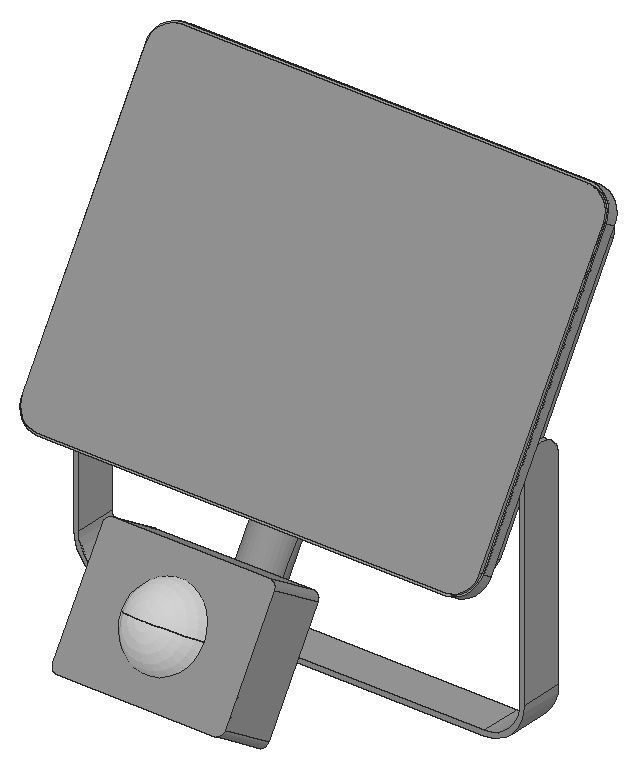
Revit family "0047971 Sylvania Lighting Fixture START eco Flood Flat IP54 PIR 4500lm 840", category Lighting Fixtures, host Face, Revit 2016
Family settings
  Host = Face
  Part Type = Normal
  Round Connector Dimension = Use Diameter
  OmniClass Number = 23.80.70.00
  OmniClass Title = Lighting
  Cut with Voids When Loaded = No
  Light Source = No
  Shared = No
  Room Calculation Point = No
Parameters (values of type "0047971 ST E FLD FLT IP54 PIR 4500LM 840")
  WidthBracketIn_SYL = if([10W_SYL], 102.2 mm, if([30W_SYL], 143.3 mm, if([50W_SYL], 181 mm, 262.8 mm)))  # 181 mm
  Weight = "4.25 kg"
  Wattage Comments = ""
  WarrantyStartDate [instance] = "n/a"
  WarrantyGuarantorParts = "n/a"
  WarrantyDurationUnit = "n/a"
  WarrantyDurationParts = "n/a"
  WarrantyDescription = "n/a"
  Voltage = 0 V
  URL = "http://www.sylvania-lighting.com"
  TypeName = "START eco Flood Flat IP54 PIR 4500lm 840"
  TypeLight_SYL = START eco Flood Flat Lamp : 0047971 ST E FLD FLT IP54 PIR 4500LM 840
  Type Image = <None>
  Type Comments = "n/a"
  ThicknessBracket_SYL = if([10W_SYL], 1.5 mm, 2 mm)  # 2 mm
  SerialNumber [instance] = "n/a"
  RotationAngle_SYL [instance] = 32.00°
  RadiusBracket_SYL = if([10W_SYL], 7.7 mm, if([30W_SYL], 8 mm, if([50W_SYL], 17 mm, 14 mm)))  # 17 mm
  RadiusBracketIn_SYL = RadiusBracket_SYL - ThicknessBracket_SYL  # 15 mm
  OffsetAxis_SYL = DepthBracket_SYL / 2  # 8.5 mm
  PowerFactor = 0.9
  PowerConsumption = "51 W"
  NominalLength = 193 mm
  NominalHeight = 70 mm
  NominalDepth = 216 mm
  Name = "START eco Flood Flat IP54 PIR 4500lm 840"
  ModelReference = Name  # "START eco Flood Flat IP54 PIR 4500lm 840"
  ModelNumber = "0047971"
  Model = Name  # "START eco Flood Flat IP54 PIR 4500lm 840"
  Material = "adc12 housing"
  ManufacturerName = "Feilo Sylvania"
  Manufacturer = "Feilo Sylvania"
  LuminousEfficacy = "93 lm/W"
  LuminaireType = ""
  LightOutputRatio = "n/a"
  LampsType = Lamp  # "LED"
  LampNominalLuminous = "4750 lm"
  LampMacAdamStep = "n/a"
  LampColourTemperature = "4000 K"
  LampColourRenderingIndex = "80"
  Lamp = "LED"
  Keynote = "16500"
  InstallationDate [instance] = "n/a"
  InputVoltage = "n/a"
  InputNominalFrequency = "n/a"
  IngressProtection = "IP54"
  ImpactProtectionIndex = "IK05"
  IfcExportType = "IfcLightFixtureType"
  IfcExportAs = "IfcLightFixtureType"
  HeightBracket_SYL = if([10W_SYL], 55 mm, if([30W_SYL], 70 mm, if([50W_SYL], 110 mm, 141 mm)))  # 110 mm
  ExpectedLife = 30000
  EndAngle_SYL [instance] = RotationAngle_SYL + 180.00°  # 212.00°
  ElectricShockClassification = "Class I"
  DurationUnit = "hours"
  DocumentationLiterature = "http://www.sylvania-lighting.com/product/en-int/products/0047971"
  DimmingControlOptions = "n/a"
  Description = "The new Start eco Flood Flat comes with improved design. The streamlined, durable, lightweight die-cast aluminium body makes it a perfect choice for building facades, car parks, garages and construction areas. The product includes 1 m pre-wired stripped cable and fitting bracket for quick and easy installation and the universal mounting bracket allows wall or surface mounting with the possibility of vertical tilting. Black die-cast aluminum housing, white reflector, 4750 lm, 51 W, 93 lm/W, 4000K, drive current 193 mA, non dimmable, CRI>80, IP54, IK07 - fixture, IK05 - sensor, Class I, lumen maintenance L70:B50: 30000 hrs, 193 x 216 x 70 mm (L x W x H). Weight: 0.85kg.  PIR sensor included. Energy class: A++ A+ A."
  DepthBracket_SYL = if([10W_SYL], 15 mm, if([30W_SYL], 15 mm, if([50W_SYL], 17 mm, 25 mm)))  # 17 mm
  Default Elevation = 1219.2 mm
  CreatedOn = "10/8/2018"
  CreatedBy = "@sylvania-lighting.com"
  Cost = 0
  built-in parameter 1114216 [instance] = (empty or 0)
  ClassificationValue = "EF_70_80"
  ClassificationName = "Uniclass2015"
  Material_1_SYL = Body-Sylvania-FloodFlat-Black
  BarCode [instance] = "n/a"
  AssetType = "Fixed"
  AssetIdentifier [instance] = "n/a"
  Assembly Code = "D5020200"
  Apparent Load = 51 VA
  50W_SYL = yes
  30W_SYL = no
  10W_SYL = no
Reference planes
  plane 1 "Center (Front/Back)": y = 0
  plane 2: z = 0
  plane 3 "Center (Left/Right)": x = 0
  plane 4: x = -92.5
  plane 5: x = 92.5
  plane 6: z = 110
  plane 7: z = 101.5
  plane 8: x = -90.5
  plane 9: x = 90.5
  plane 10: z = 2
  plane 11: y = 8.5
  plane 12: y = -8.5
  plane 13: x = -75.5
  plane 14: z = 17
  plane 15: x = 75.5
  plane 16: y = -10.5
  plane 17: z = 112
  plane 18: y = 10.5
Forms (mm)
  Extrusion 1, solid, material "Body-Sylvania-FloodFlat-Black" <- "Material_1_SYL"
    sketch origin (0, 0, 0) x (1, 0, 0) y (0, 0, 1)
      loop
        line (-90.5, 110) -> (-92.5, 110) -> (-92.5, 17)
        arc (-92.5, 17) -> (-87.521, 4.979) -> (-75.5, 0) r 17
        line (-75.5, 0) -> (75.5, 0)
        arc (75.5, 0) -> (87.521, 4.979) -> (92.5, 17) r 17
        line (92.5, 17) -> (92.5, 110) -> (90.5, 110) -> (90.5, 17)
        arc (90.5, 17) -> (86.107, 6.393) -> (75.5, 2) r 15
        line (75.5, 2) -> (-75.5, 2)
        arc (-75.5, 2) -> (-86.107, 6.393) -> (-90.5, 17) r 15
        line (-90.5, 17) -> (-90.5, 110)
    from -8.5 to 8.5
  Extrusion 2, void
    sketch origin (0, 0, 0) x (0, 1, 0) y (0, 0, 1)
      loop
        line (8.5, 101.5) -> (10.5, 101.5) -> (10.5, 112) -> (-10.5, 112) -> (-10.5, 101.5) -> (-8.5, 101.5)
        arc (-8.5, 101.5) -> (0, 110) -> (8.5, 101.5) r 8.5
    from -92.5 to 92.5
  Revolve 3, solid, not visible
    sketch origin (0, 0, 0) x (1, 0, 0) y (0, 0, 1)
      loop
        line (0, 101.5) -> (0, 110) -> (-12.336, 110) -> (-12.336, 101.5) -> (0, 101.5)
      axis (0, 101.5) -> (-12.336, 101.5)
    angle from 32 <- "RotationAngle_SYL" to 212 <- "EndAngle_SYL"
Cuts and joins
  Extrusion 2 cuts Extrusion 1
Dimensions and locks
  equal spacing: plane 9, plane 3 "Center (Left/Right)", plane 8
  "WidthBracketIn_SYL": plane 9 to plane 8
  "ThicknessBracket_SYL": plane 8 to plane 4
  "ThicknessBracket_SYL": plane 5 to plane 9
  "ThicknessBracket_SYL": plane 10 to plane 2
  equal spacing: plane 12, plane 1 "Center (Front/Back)", plane 11
  "DepthBracket_SYL": plane 12 to plane 11
  "OffsetAxis_SYL": plane 7 to plane 6
  "HeightBracket_SYL": plane 6 to plane 2
  "RadiusBracket_SYL": plane 14 to plane 2
  equal spacing: plane 15, plane 3 "Center (Left/Right)", plane 13
  "RadiusBracket_SYL": plane 13 to plane 4
  equal spacing: plane 16, plane 1 "Center (Front/Back)", plane 18
  locked: plane 16 to plane 12 at 2
  locked: plane 6 to plane 17 at 2
  "RadiusBracket_SYL": radius of Extrusion 1 sketch curve  (x2)
  "RadiusBracketIn_SYL": radius of Extrusion 1 sketch curve  (x2)
  aligned and locked: plane 2 to host face
  aligned and locked: level to host face
  aligned and locked: Extrusion 1 sketch curve to plane 6  (x2)
  aligned and locked: Extrusion 1 sketch curve to plane 4
  aligned and locked: plane 5 to Extrusion 1 sketch curve
  aligned and locked: Extrusion 1 sketch curve to plane 9
  aligned and locked: Extrusion 1 sketch curve to plane 2
  aligned and locked: plane 13 to Extrusion 1 sketch curve
  aligned and locked: plane 14 to Extrusion 1 sketch curve  (x2)
  aligned and locked: plane 15 to Extrusion 1 sketch curve
  aligned and locked: Extrusion 1 to plane 11
  aligned and locked: plane 12 to Extrusion 1
  aligned and locked: plane 11 to Extrusion 2 sketch curve
  aligned and locked: plane 1 "Center (Front/Back)" to Extrusion 2 sketch curve
  aligned and locked: plane 7 to Extrusion 2 sketch curve
  aligned and locked: plane 17 to Extrusion 2 sketch curve
  aligned and locked: plane 18 to Extrusion 2 sketch curve
  aligned and locked: Extrusion 2 sketch curve to plane 16
  aligned and locked: Extrusion 2 sketch curve to plane 7  (x2)
  aligned and locked: plane 5 to Extrusion 2
  aligned and locked: Extrusion 2 to plane 4
  aligned and locked: Revolve 3 sketch curve to plane 7  (x2)
  aligned and locked: Revolve 3 sketch curve to plane 3 "Center (Left/Right)"
  aligned and locked: plane 6 to Revolve 3 sketch curve
  aligned and locked: plane 3 "Center (Left/Right)" to nested 1
Automatic sketch dimensions
  host sketch curve to host sketch curve = 2438.4 mm  (x2)
  Revolve 3 sketch curve to plane 3 "Center (Left/Right)" = 12.336 mm
  Revolve 3 sketch curve to plane 4 = 1122.5 mm
  plane 5 to Revolve 3 sketch curve = 1130.9 mm
Nested families
  nested 1: "START eco Flood Flat Lamp" at (0, 11.155, 119.351) x (1, 0, 0) z (0, -0.848, 0.5299), type <- "TypeLight_SYL", type "0047971 ST E FLD FLT IP54 PIR 4500LM 840"
    with built-in parameter 1114216 (empty or 0)
Connectors
  electrical at (0, 0, 0), driven by "Apparent Load", driven by "PowerFactor", driven by "Voltage"
    settings: index 1, voltage 0 V, apparent load 51 VA, apparent load phase1 0 VA, apparent load phase2 0 VA, apparent load phase3 0 VA, power factor 0.9, load classification "Lighting", number of poles 1, system type 30, power factor state 1, is connector primary yes, connector utility no, sub classification motor no, connector description ""
Definition of nested family "START eco Flood Flat Lamp"
  Parameters (values of type "0047977 ST E FLD FLT IP65 9000LM 840")
    Width_SYL = if([10W_SYL], 110 mm, if([30W_SYL], 151 mm, if([50W_SYL], 189 mm, 275 mm)))  # 275 mm
    WidthLEDBoard_SYL = if([10W_SYL], 40 mm, if([30W_SYL], 83 mm, if([50W_SYL], 80 mm, 180 mm)))  # 180 mm
    WidthVignette_SYL = if([10W_SYL], 78.6 mm, if([30W_SYL], 120 mm, if([50W_SYL], 157 mm, 226 mm)))  # 226 mm
    WidthBoltHousing_SYL = 4 * OffsetBoltHousing_SYL  # 24.5 mm
    Wattage Comments = "n/a"
    Wattage = 100 W
    built-in parameter 1150110 = 1 (stored number, unit not read)
    URL = "http://www.sylvania-lighting.com"
    Type Image = (empty or 0)
    Type Comments = "n/a"
    built-in parameter 1114217 = 1 (stored number, unit not read)
    Tilt Angle = -90.00°
    ThicknessScreen_SYL = if([10W_SYL], 5 mm, if([30W_SYL], 5.2 mm, if([50W_SYL], 5.4 mm, 6.1 mm)))  # 6.1 mm
    ThicknessDiffuser_SYL = 0.8 mm  # constant formula
    built-in parameter 1150109 = 1 (stored number, unit not read)
    built-in parameter 1150134 = 12
    built-in parameter 1150113 = 1 (stored number, unit not read)
    RotationAxisFromTop_SYL = if([10W_SYL], 48.8 mm, if([30W_SYL], 61.7 mm, if([50W_SYL], 91.3 mm, 133.4 mm)))  # 133.4 mm
    RadiusLEDBoard_SYL = if([10W_SYL], 1.5 mm, if([30W_SYL], 2 mm, if([50W_SYL], 1.9 mm, 3.7 mm)))  # 3.7 mm
    RadiusDiffuser_SYL = RadiusCorners_SYL - ThicknessDiffuser_SYL  # 13.4 mm
    RadiusCorners_SYL = if([10W_SYL], 10.5 mm, if([30W_SYL], 10.7 mm, if([50W_SYL], 10.7 mm, 14.2 mm)))  # 14.2 mm
    RadiusBoltHousing_SYL = if([10W_SYL], 4.1 mm, if([30W_SYL], 4.9 mm, if([50W_SYL], 5 mm, 8.1 mm)))  # 8.1 mm
    RadiusBack_SYL = RadiusCorners_SYL - OffsetXBack_SYL / 3  # 10.117 mm
    RadiusBackB_SYL = RadiusBack_SYL - OffsetXBackB_SYL  # 7.054 mm
    Photometric Web File = "0047977.ies"
    PIR_SYL = no
    PIRHolderRadius_SYL = PIRBaseFillet_SYL + 2 mm  # 11 mm
    PIRFillet_SYL = 3 mm  # constant formula
    PIRBaseWidth_SYL = 38 mm
    PIRBaseFillet_SYL = PIRBaseDepth_SYL / 2  # 9 mm
    PIRBaseDepth_SYL = 18 mm
    OffsetYBack_SYL = (Height_SYL - HeightVignette_SYL) / 4  # 11 mm
    OffsetYBackB_SYL = OffsetYBack_SYL / 4  # 2.75 mm
    OffsetXBack_SYL = (Width_SYL - WidthVignette_SYL) / 4  # 12.25 mm
    OffsetXBackB_SYL = OffsetXBack_SYL / 4  # 3.063 mm
    OffsetBoltHousing_SYL = OffsetXBack_SYL / 2  # 6.125 mm
    Material_7_SYL = none
    Material_6_SYL = none
    Material_5_SYL = none
    Material_3_SYL = none
    Model = "START eco Flood Flat IP65 9000lm 840"
    Manufacturer = "Feilo Sylvania"
    built-in parameter 1150105 = 3437 (stored number, unit not read)
    Lumens = 9500 lm
    built-in parameter 1150115 = 1 (stored number, unit not read)
    built-in parameter 1150137 = (empty or 0)
    built-in parameter 1150139 = (empty or 0)
    built-in parameter 1150112 = 1 (stored number, unit not read)
    built-in parameter 1150114 = 1 (stored number, unit not read)
    Lamp = "LED"
    Keynote = "16500"
    Material_2_SYL = none
    InsertionPlaneFromTop_SYL = if([10W_SYL], 15.1 mm, if([30W_SYL], 14.5 mm, if([50W_SYL], 14.8 mm, 19.3 mm)))  # 19.3 mm
    built-in parameter 1150132 = (empty or 0)
    built-in parameter 1150102 = (empty or 0)
    built-in parameter 1150107 = 4000 (stored number, unit not read)
    built-in parameter 1150138 = (empty or 0)
    built-in parameter 1150106 = 34.37 (stored number, unit not read)
    Height_SYL = if([10W_SYL], 81.6 mm, if([30W_SYL], 112 mm, if([50W_SYL], 140.5 mm, 211 mm)))  # 211 mm
    HeightVignette_SYL = if([10W_SYL], 50 mm, if([30W_SYL], 81 mm, if([50W_SYL], 110 mm, 167 mm)))  # 167 mm
    HeightLEDBoard_SYL = if([10W_SYL], 25 mm, if([30W_SYL], 39 mm, if([50W_SYL], 56 mm, 132 mm)))  # 132 mm
    Emit from Rectangle Width = HeightVignette_SYL - 2 * RadiusVignette_SYL  # 146.2 mm
    Emit from Rectangle Length = WidthVignette_SYL - 2 * RadiusVignette_SYL  # 205.2 mm
    Emit Shape Visible in Rendering = no
    built-in parameter 1150104 = 8.8258 (stored number, unit not read)
    Dimming Lamp Color Temperature Shift = (empty or 0)
    DepthLEDBoard_SYL = (ThicknessScreen_SYL + DepthBack_SYL) / 9  # 2.289 mm
    DepthBack_SYL = if([10W_SYL], 10.2 mm, if([30W_SYL], 14.7 mm, if([50W_SYL], 16.9 mm, 14.5 mm)))  # 14.5 mm
    RadiusVignette_SYL = if([10W_SYL], 4.1 mm, if([30W_SYL], 4.1 mm, if([50W_SYL], 4.1 mm, 10.4 mm)))  # 10.4 mm
    Description = "The new Start eco Flood Flat comes with improved design. The streamlined, durable, lightweight die-cast aluminium body makes it a perfect choice for building facades, car parks, garages and construction areas. The product includes 1 m pre-wired stripped cable and fitting bracket for quick and easy installation and the universal mounting bracket allows wall or surface mounting with the possibility of vertical tilting. Black die-cast aluminum housing, white reflector, 9500 lm, 100 W, 95 lm/W, 4000K, drive current 386 mA, non dimmable, CRI>80, IP65, IK07, Class I, lumen maintenance L70:B50: 30000 hrs, 283 x 263 x 44 mm (L x W x H). Weight: 1.775kg. Energy class: A++ A+ A."
    DepthReflector_SYL = (ThicknessScreen_SYL + DepthBack_SYL) / 2  # 10.3 mm
    Default Elevation = 1219.2 mm
    Cost = 0
    Color Filter = 16777215
    built-in parameter 1114216 [instance] = (empty or 0)
    Material_1_SYL = none
    built-in parameter 1114218 = 1 (stored number, unit not read)
    built-in parameter 1150133 = 10 (stored number, unit not read)
    Assembly Code = "D5020200"
    Apparent Load = 100 VA
    Material_4_SYL = none
    50W_SYL = no
    30W_SYL = no
    10W_SYL = no
  Types (16, lengths in mm): name | Width_SYL | WidthLEDBoard_SYL | WidthVignette_SYL | WidthBoltHousing_SYL | Wattage | ThicknessScreen_SYL | built-in parameter 1150134 | RotationAxisFromTop_SYL | RadiusLEDBoard_SYL | RadiusDiffuser_SYL | RadiusCorners_SYL | RadiusBoltHousing_SYL | RadiusBack_SYL | RadiusBackB_SYL | Photometric Web File | PIR_SYL | OffsetYBack_SYL | OffsetYBackB_SYL | OffsetXBack_SYL | OffsetXBackB_SYL | OffsetBoltHousing_SYL | Model | built-in parameter 1150105 | Lumens | InsertionPlaneFromTop_SYL | built-in parameter 1150107 | built-in parameter 1150106 | Height_SYL | HeightVignette_SYL | HeightLEDBoard_SYL | Emit from Rectangle Width | Emit from Rectangle Length | built-in parameter 1150104 | DepthLEDBoard_SYL | DepthBack_SYL | RadiusVignette_SYL | Description | DepthReflector_SYL | Apparent Load | 50W_SYL | 30W_SYL | 10W_SYL
    0047977 ST E FLD FLT IP65 9000LM 840 | 275 | 180 | 226 | 24.5 | 100 W | 6.1 | 12 | 133.4 | 3.7 | 13.4 | 14.2 | 8.1 | 10.117 | 7.054 | "0047977.ies" | no | 11 | 2.75 | 12.25 | 3.063 | 6.125 | "START eco Flood Flat IP65 9000lm 840" | 3437 (stored number, unit not read) | 9500 lm | 19.3 | 4000 (stored number, unit not read) | 34.37 (stored number, unit not read) | 211 | 167 | 132 | 146.2 | 205.2 | 8.8258 (stored number, unit not read) | 2.289 | 14.5 | 10.4 | "The new Start eco Flood Flat comes with improved design. The streamlined, durable, lightweight die-cast aluminium body makes it a perfect choice for building facades, car parks, garages and construction areas. The product includes 1 m pre-wired stripped cable and fitting bracket for quick and easy installation and the universal mounting bracket allows wall or surface mounting with the possibility of vertical tilting. Black die-cast aluminum housing, white reflector, 9500 lm, 100 W, 95 lm/W, 4000K, drive current 386 mA, non dimmable, CRI>80, IP65, IK07, Class I, lumen maintenance L70:B50: 30000 hrs, 283 x 263 x 44 mm (L x W x H). Weight: 1.775kg. Energy class: A++ A+ A." | 10.3 | 100 VA | no | no | no
    0047976 ST E FLD FLT IP65 9000LM 830 | 275 | 180 | 226 | 24.5 | 100 W | 6.1 | (empty or 0) | 133.4 | 3.7 | 13.4 | 14.2 | 8.1 | 10.117 | 7.054 | "0047976.ies" | no | 11 | 2.75 | 12.25 | 3.063 | 6.125 | "START eco Flood Flat IP65 9000lm 830" | 3256.1 (stored number, unit not read) | 9000 lm | 19.3 | 3000 (stored number, unit not read) | 32.561 (stored number, unit not read) | 211 | 167 | 132 | 146.2 | 205.2 | 8.3613 (stored number, unit not read) | 2.289 | 14.5 | 10.4 | "The new Start eco Flood Flat comes with improved design. The streamlined, durable, lightweight die-cast aluminium body makes it a perfect choice for building facades, car parks, garages and construction areas. The product includes 1 m pre-wired stripped cable and fitting bracket for quick and easy installation and the universal mounting bracket allows wall or surface mounting with the possibility of vertical tilting. Black die-cast aluminum housing, white reflector, 9000 lm, 100 W, 90 lm/W, 3000K, drive current 386 mA, non dimmable, CRI>80, IP65, IK07, Class I, lumen maintenance L70:B50: 30000 hrs, 283 x 263 x 44 mm (L x W x H). Weight: 1.775kg. Energy class: A++ A+ A." | 10.3 | 100 VA | no | no | no
    0047973 ST E FLD FLT IP65 6500LM 840 | 275 | 180 | 226 | 24.5 | 70 W | 6.1 | 12 | 133.4 | 3.7 | 13.4 | 14.2 | 8.1 | 10.117 | 7.054 | "0047973.ies" | no | 11 | 2.75 | 12.25 | 3.063 | 6.125 | "START eco Flood Flat IP65 6500lm 840" | 2460.1 (stored number, unit not read) | 6650 lm | 19.3 | 4000 (stored number, unit not read) | 24.601 (stored number, unit not read) | 211 | 167 | 132 | 146.2 | 205.2 | 8.8258 (stored number, unit not read) | 2.289 | 14.5 | 10.4 | "The new Start eco Flood Flat comes with improved design. The streamlined, durable, lightweight die-cast aluminium body makes it a perfect choice for building facades, car parks, garages and construction areas. The product includes 1 m pre-wired stripped cable and fitting bracket for quick and easy installation and the universal mounting bracket allows wall or surface mounting with the possibility of vertical tilting. Black die-cast aluminum housing, white reflector, 6650 lm, 70 W, 95 lm/W, 4000K, drive current 270 mA, non dimmable, CRI>80, IP65, IK07, Class I, lumen maintenance L70:B50: 30000 hrs, 283 x 263 x 44 mm (L x W x H). Weight: 1.775kg. Energy class: A++ A+ A." | 10.3 | 70 VA | no | no | no
    0047972 ST E FLD FLT IP65 6500LM 830 | 275 | 180 | 226 | 24.5 | 70 W | 6.1 | (empty or 0) | 133.4 | 3.7 | 13.4 | 14.2 | 8.1 | 10.117 | 7.054 | "0047972.ies" | no | 11 | 2.75 | 12.25 | 3.063 | 6.125 | "START eco Flood Flat IP65 6500lm 830" | 2330.6 (stored number, unit not read) | 6300 lm | 19.3 | 3000 (stored number, unit not read) | 23.306 (stored number, unit not read) | 211 | 167 | 132 | 146.2 | 205.2 | 8.3613 (stored number, unit not read) | 2.289 | 14.5 | 10.4 | "The new Start eco Flood Flat comes with improved design. The streamlined, durable, lightweight die-cast aluminium body makes it a perfect choice for building facades, car parks, garages and construction areas. The product includes 1 m pre-wired stripped cable and fitting bracket for quick and easy installation and the universal mounting bracket allows wall or surface mounting with the possibility of vertical tilting. Black die-cast aluminum housing, white reflector, 6300 lm, 70 W, 90 lm/W, 3000K, drive current 270 mA, non dimmable, CRI>80, IP65, IK07, Class I, lumen maintenance L70:B50: 30000 hrs, 283 x 263 x 44 mm (L x W x H). Weight: 1.775kg. Energy class: A++ A+ A." | 10.3 | 70 VA | no | no | no
    0047971 ST E FLD FLT IP54 PIR 4500LM 840 | 189 | 80 | 157 | 16 | 51 W | 5.4 | 12 | 91.3 | 1.9 | 9.9 | 10.7 | 5 | 8.033 | 6.033 | "0047971.ies" | yes | 7.625 | 1.906 | 8 | 2 | 4 | "START eco Flood Flat IP54 PIR 4500lm 840" | 1695.8 (stored number, unit not read) | 4743 lm | 14.8 | 4000 (stored number, unit not read) | 16.958 (stored number, unit not read) | 140.5 | 110 | 56 | 101.8 | 148.8 | 8.64 (stored number, unit not read) | 2.478 | 16.9 | 4.1 | "The new Start eco Flood Flat comes with improved design. The streamlined, durable, lightweight die-cast aluminium body makes it a perfect choice for building facades, car parks, garages and construction areas. The product includes 1 m pre-wired stripped cable and fitting bracket for quick and easy installation and the universal mounting bracket allows wall or surface mounting with the possibility of vertical tilting. Black die-cast aluminum housing, white reflector, 4750 lm, 51 W, 93 lm/W, 4000K, drive current 193 mA, non dimmable, CRI>80, IP54, IK07 - fixture, IK05 - sensor, Class I, lumen maintenance L70:B50: 30000 hrs, 193 x 216 x 70 mm (L x W x H). Weight: 0.85kg.  PIR sensor included. Energy class: A++ A+ A." | 11.15 | 51 VA | yes | no | no
    0047970 ST E FLD FLT IP54 PIR 4500LM 830 | 189 | 80 | 157 | 16 | 51 W | 5.4 | (empty or 0) | 91.3 | 1.9 | 9.9 | 10.7 | 5 | 8.033 | 6.033 | "0047970.ies" | yes | 7.625 | 1.906 | 8 | 2 | 4 | "START eco Flood Flat IP54 PIR 4500lm 830" | 1604.6 (stored number, unit not read) | 4488 lm | 14.8 | 3000 (stored number, unit not read) | 16.046 (stored number, unit not read) | 140.5 | 110 | 56 | 101.8 | 148.8 | 8.1755 (stored number, unit not read) | 2.478 | 16.9 | 4.1 | "The new Start eco Flood Flat comes with improved design. The streamlined, durable, lightweight die-cast aluminium body makes it a perfect choice for building facades, car parks, garages and construction areas. The product includes 1 m pre-wired stripped cable and fitting bracket for quick and easy installation and the universal mounting bracket allows wall or surface mounting with the possibility of vertical tilting. Black die-cast aluminum housing, white reflector, 4500 lm, 51 W, 88 lm/W, 3000K, drive current 193 mA, non dimmable, CRI>80, IP54, IK07 - fixture, IK05 - sensor, Class I, lumen maintenance L70:B50: 30000 hrs, 193 x 216 x 70 mm (L x W x H). Weight: 0.85kg.  PIR sensor included. Energy class: A++ A+ A." | 11.15 | 51 VA | yes | no | no
    0047969 ST E FLD FLT IP65 4500LM 840 | 189 | 80 | 157 | 16 | 50 W | 5.4 | 12 | 91.3 | 1.9 | 9.9 | 10.7 | 5 | 8.033 | 6.033 | "0047969.ies" | no | 7.625 | 1.906 | 8 | 2 | 4 | "START eco Flood Flat IP65 4500lm 840" | 1698.3 (stored number, unit not read) | 4750 lm | 14.8 | 4000 (stored number, unit not read) | 16.983 (stored number, unit not read) | 140.5 | 110 | 56 | 101.8 | 148.8 | 8.8258 (stored number, unit not read) | 2.478 | 16.9 | 4.1 | "The new Start eco Flood Flat comes with improved design. The streamlined, durable, lightweight die-cast aluminium body makes it a perfect choice for building facades, car parks, garages and construction areas. The product includes 1 m pre-wired stripped cable and fitting bracket for quick and easy installation and the universal mounting bracket allows wall or surface mounting with the possibility of vertical tilting. Black die-cast aluminum housing, white reflector, 4750 lm, 50 W, 95 lm/W, 4000K, drive current 193 mA, non dimmable, CRI>80, IP65, IK07, Class I, lumen maintenance L70:B50: 30000 hrs, 193 x 190 x 48 mm (L x W x H). Weight: 0.785kg. Energy class: A++ A+ A." | 11.15 | 50 VA | yes | no | no
    0047968 ST E FLD FLT IP65 4500LM 830 | 189 | 80 | 157 | 16 | 50 W | 5.4 | (empty or 0) | 91.3 | 1.9 | 9.9 | 10.7 | 5 | 8.033 | 6.033 | "0047968.ies" | no | 7.625 | 1.906 | 8 | 2 | 4 | "START eco Flood Flat IP65 4500lm 830" | 1608.9 (stored number, unit not read) | 4500 lm | 14.8 | 3000 (stored number, unit not read) | 16.089 (stored number, unit not read) | 140.5 | 110 | 56 | 101.8 | 148.8 | 8.3613 (stored number, unit not read) | 2.478 | 16.9 | 4.1 | "The new Start eco Flood Flat comes with improved design. The streamlined, durable, lightweight die-cast aluminium body makes it a perfect choice for building facades, car parks, garages and construction areas. The product includes 1 m pre-wired stripped cable and fitting bracket for quick and easy installation and the universal mounting bracket allows wall or surface mounting with the possibility of vertical tilting. Black die-cast aluminum housing, white reflector, 4500 lm, 50 W, 90 lm/W, 3000K, drive current 193 mA, non dimmable, CRI>80, IP65, IK07, Class I, lumen maintenance L70:B50: 30000 hrs, 193 x 190 x 48 mm (L x W x H). Weight: 0.785kg. Energy class: A++ A+ A." | 11.15 | 50 VA | yes | no | no
    0047967 ST E FLD FLT IP54 PIR 2800LM 840 | 151 | 83 | 120 | 15.5 | 31 W | 5.2 | 12 | 61.7 | 2 | 9.9 | 10.7 | 4.9 | 8.117 | 6.179 | "0047967.ies" | yes | 7.75 | 1.938 | 7.75 | 1.938 | 3.875 | "START eco Flood Flat IP54 PIR 2800lm 840" | 1045.5 (stored number, unit not read) | 2852 lm | 14.5 | 4000 (stored number, unit not read) | 10.455 (stored number, unit not read) | 112 | 81 | 39 | 72.8 | 111.8 | 8.5471 (stored number, unit not read) | 2.211 | 14.7 | 4.1 | "The new Start eco Flood Flat comes with improved design. The streamlined, durable, lightweight die-cast aluminium body makes it a perfect choice for building facades, car parks, garages and construction areas. The product includes 1 m pre-wired stripped cable and fitting bracket for quick and easy installation and the universal mounting bracket allows wall or surface mounting with the possibility of vertical tilting. Black die-cast aluminum housing, white reflector, 2850 lm, 31 W, 92 lm/W, 4000K, drive current 116 mA, non dimmable, CRI>80, IP54, IK06 - fixture, IK05 - sensor, Class I, lumen maintenance L70:B50: 30000 hrs, 156 x 178 x 67 mm (L x W x H). Weight: 0.61kg.  PIR sensor included. Energy class: A++ A+ A." | 9.95 | 31 VA | no | yes | no
    0047966 ST E FLD FLT IP54 PIR 2800LM 830 | 151 | 83 | 120 | 15.5 | 31 W | 5.2 | (empty or 0) | 61.7 | 2 | 9.9 | 10.7 | 4.9 | 8.117 | 6.179 | "0047966.ies" | yes | 7.75 | 1.938 | 7.75 | 1.938 | 3.875 | "START eco Flood Flat IP54 PIR 2800lm 830" | 988.72 (stored number, unit not read) | 2697 lm | 14.5 | 3000 (stored number, unit not read) | 9.8872 (stored number, unit not read) | 112 | 81 | 39 | 72.8 | 111.8 | 8.0826 (stored number, unit not read) | 2.211 | 14.7 | 4.1 | "The new Start eco Flood Flat comes with improved design. The streamlined, durable, lightweight die-cast aluminium body makes it a perfect choice for building facades, car parks, garages and construction areas. The product includes 1 m pre-wired stripped cable and fitting bracket for quick and easy installation and the universal mounting bracket allows wall or surface mounting with the possibility of vertical tilting. Black die-cast aluminum housing, white reflector, 2700 lm, 31 W, 87 lm/W, 3000K, drive current 116 mA, non dimmable, CRI>80, IP54, IK06 - fixture, IK05 - sensor, Class I, lumen maintenance L70:B50: 30000 hrs, 156 x 178 x 67 mm (L x W x H). Weight: 0.61kg.  PIR sensor included. Energy class: A++ A+ A." | 9.95 | 31 VA | no | yes | no
    0047965 ST E FLD FLT IP65 2800LM 840 | 151 | 83 | 120 | 15.5 | 30 W | 5.2 | 12 | 61.7 | 2 | 9.9 | 10.7 | 4.9 | 8.117 | 6.179 | "0047965.ies" | no | 7.75 | 1.938 | 7.75 | 1.938 | 3.875 | "START eco Flood Flat IP65 2800lm 840" | 1044.8 (stored number, unit not read) | 2850 lm | 14.5 | 4000 (stored number, unit not read) | 10.448 (stored number, unit not read) | 112 | 81 | 39 | 72.8 | 111.8 | 8.8258 (stored number, unit not read) | 2.211 | 14.7 | 4.1 | "The new Start eco Flood Flat comes with improved design. The streamlined, durable, lightweight die-cast aluminium body makes it a perfect choice for building facades, car parks, garages and construction areas. The product includes 1 m pre-wired stripped cable and fitting bracket for quick and easy installation and the universal mounting bracket allows wall or surface mounting with the possibility of vertical tilting. Black die-cast aluminum housing, white reflector, 2850 lm, 30 W, 95 lm/W, 4000K, drive current 116 mA, non dimmable, CRI>80, IP65, IK06, Class I, lumen maintenance L70:B50: 30000 hrs, 156 x 126 x 38 mm (L x W x H). Weight: 0.545kg. Energy class: A++ A+ A." | 9.95 | 30 VA | no | yes | no
    0047964 ST E FLD FLT IP65 2800LM 830 | 151 | 83 | 120 | 15.5 | 30 W | 5.2 | (empty or 0) | 61.7 | 2 | 9.9 | 10.7 | 4.9 | 8.117 | 6.179 | "0047964.ies" | no | 7.75 | 1.938 | 7.75 | 1.938 | 3.875 | "START eco Flood Flat IP65 2800lm 830" | 989.82 (stored number, unit not read) | 2700 lm | 14.5 | 3000 (stored number, unit not read) | 9.8982 (stored number, unit not read) | 112 | 81 | 39 | 72.8 | 111.8 | 8.3613 (stored number, unit not read) | 2.211 | 14.7 | 4.1 | "The new Start eco Flood Flat comes with improved design. The streamlined, durable, lightweight die-cast aluminium body makes it a perfect choice for building facades, car parks, garages and construction areas. The product includes 1 m pre-wired stripped cable and fitting bracket for quick and easy installation and the universal mounting bracket allows wall or surface mounting with the possibility of vertical tilting. Black die-cast aluminum housing, white reflector, 2700 lm, 30 W, 90 lm/W, 3000K, drive current 116 mA, non dimmable, CRI>80, IP65, IK06, Class I, lumen maintenance L70:B50: 30000 hrs, 156 x 126 x 38 mm (L x W x H). Weight: 0.545kg. Energy class: A++ A+ A." | 9.95 | 30 VA | no | yes | no
    0047963 ST E FLD FLT IP54 PIR 900LM 840 | 110 | 40 | 78.6 | 15.7 | 11 W | 5 | 12 | 48.8 | 1.5 | 9.7 | 10.5 | 4.1 | 7.883 | 5.921 | "0047963.ies" | yes | 7.9 | 1.975 | 7.85 | 1.963 | 3.925 | "START eco Flood Flat IP54 PIR 900lm 840" | 365.78 (stored number, unit not read) | 946 lm | 15.1 | 4000 (stored number, unit not read) | 3.6578 (stored number, unit not read) | 81.6 | 50 | 25 | 41.8 | 70.4 | 7.9897 (stored number, unit not read) | 1.689 | 10.2 | 4.1 | "The new Start eco Flood Flat comes with improved design. The streamlined, durable, lightweight die-cast aluminium body makes it a perfect choice for building facades, car parks, garages and construction areas. The product includes 1 m pre-wired stripped cable and fitting bracket for quick and easy installation and the universal mounting bracket allows wall or surface mounting with the possibility of vertical tilting. Black die-cast aluminum housing, white reflector, 950 lm, 11 W, 86 lm/W, 4000K, drive current 38.6 mA, non dimmable, CRI>80, IP54, IK06 - fixture, IK05 - sensor, Class I, lumen maintenance L70:B50: 30000 hrs, 156 x 178 x 67 mm (L x W x H). Weight: 0.61kg.  PIR sensor included. Energy class: A++ A+ A." | 7.6 | 11 VA | no | no | yes
    0047962 ST E FLD FLT IP54 PIR 900LM 830 | 110 | 40 | 78.6 | 15.7 | 11 W | 5 | (empty or 0) | 48.8 | 1.5 | 9.7 | 10.5 | 4.1 | 7.883 | 5.921 | "0047962.ies" | yes | 7.9 | 1.975 | 7.85 | 1.963 | 3.925 | "START eco Flood Flat IP54 PIR 900lm 830" | 345.53 (stored number, unit not read) | 902 lm | 15.1 | 3000 (stored number, unit not read) | 3.4553 (stored number, unit not read) | 81.6 | 50 | 25 | 41.8 | 70.4 | 7.618 (stored number, unit not read) | 1.689 | 10.2 | 4.1 | "The new Start eco Flood Flat comes with improved design. The streamlined, durable, lightweight die-cast aluminium body makes it a perfect choice for building facades, car parks, garages and construction areas. The product includes 1 m pre-wired stripped cable and fitting bracket for quick and easy installation and the universal mounting bracket allows wall or surface mounting with the possibility of vertical tilting. Black die-cast aluminum housing, white reflector, 900 lm, 11 W, 82 lm/W, 3000K, drive current 38.6 mA, non dimmable, CRI>80, IP54, IK06 - fixture, IK05 - sensor, Class I, lumen maintenance L70:B50: 30000 hrs, 156 x 178 x 67 mm (L x W x H). Weight: 0.61kg.  PIR sensor included. Energy class: A++ A+ A." | 7.6 | 11 VA | no | no | yes
    0047961 ST E FLD FLT IP65 900LM 840 | 110 | 40 | 78.6 | 15.7 | 10 W | 5 | 12 | 48.8 | 1.5 | 9.7 | 10.5 | 4.1 | 7.883 | 5.921 | "0047961.ies" | no | 7.9 | 1.975 | 7.85 | 1.963 | 3.925 | "START eco Flood Flat IP65 900lm 840" | 367.33 (stored number, unit not read) | 950 lm | 15.1 | 4000 (stored number, unit not read) | 3.6733 (stored number, unit not read) | 81.6 | 50 | 25 | 41.8 | 70.4 | 8.8258 (stored number, unit not read) | 1.689 | 10.2 | 4.1 | "The new Start eco Flood Flat comes with improved design. The streamlined, durable, lightweight die-cast aluminium body makes it a perfect choice for building facades, car parks, garages and construction areas. The product includes 1 m pre-wired stripped cable and fitting bracket for quick and easy installation and the universal mounting bracket allows wall or surface mounting with the possibility of vertical tilting. Black die-cast aluminum housing, white reflector, 950 lm, 10 W, 95 lm/W, 4000K, drive current 38.6 mA, non dimmable, CRI>80, IP65, IK06, Class I, lumen maintenance L70:B50: 30000 hrs, 114 x 96 x 38 mm (L x W x H). Weight: 0.33kg. Energy class: A++ A+ A." | 7.6 | 10 VA | no | no | yes
    0047960 ST E FLD FLT IP65 900LM 830 | 110 | 40 | 78.6 | 15.7 | 10 W | 5 | (empty or 0) | 48.8 | 1.5 | 9.7 | 10.5 | 4.1 | 7.883 | 5.921 | "0047960.ies" | no | 7.9 | 1.975 | 7.85 | 1.963 | 3.925 | "START eco Flood Flat IP65 900lm 830" | 344.76 (stored number, unit not read) | 900 lm | 15.1 | 3000 (stored number, unit not read) | 3.4476 (stored number, unit not read) | 81.6 | 50 | 25 | 41.8 | 70.4 | 8.3613 (stored number, unit not read) | 1.689 | 10.2 | 4.1 | "The new Start eco Flood Flat comes with improved design. The streamlined, durable, lightweight die-cast aluminium body makes it a perfect choice for building facades, car parks, garages and construction areas. The product includes 1 m pre-wired stripped cable and fitting bracket for quick and easy installation and the universal mounting bracket allows wall or surface mounting with the possibility of vertical tilting. Black die-cast aluminum housing, white reflector, 900 lm, 10 W, 90 lm/W, 3000K, drive current 38.6 mA, non dimmable, CRI>80, IP65, IK06, Class I, lumen maintenance L70:B50: 30000 hrs, 114 x 96 x 38 mm (L x W x H). Weight: 0.33kg. Energy class: A++ A+ A." | 7.6 | 10 VA | no | no | yes
  Reference planes
    plane 1 "Center (Front/Back)": y = 0
    plane 2: z = 0
    plane 3 "Center (Left/Right)": x = 0
    plane 4: y = 105.5
    plane 5: y = -105.5
    plane 6: x = 137.5
    plane 7: x = -137.5
    plane 8: y = 83.5
    plane 9: y = -83.5
    plane 10: x = -113
    plane 11: x = 113
    plane 12: x = -123.3
    plane 13: y = 91.3
    plane 14: y = -91.3
    plane 15: x = 123.3
    plane 16: x = -102.6
    plane 17: y = 73.1
    plane 18: x = 102.6
    plane 19: y = -73.1
    plane 20: z = 19.3
    plane 21: z = 13.2
    plane 22: z = 9
    plane 23: z = -1.3
    plane 24: x = -125.25
    plane 25: y = 94.5
    plane 26: y = -94.5
    plane 27: x = 125.25
    plane 28: x = -122.187
    plane 29: x = 122.188
    plane 30: y = 91.75
    plane 31: y = -91.75
    plane 32: z = 18.5
    plane 33: x = -90
    plane 34: x = 90
    plane 35: y = 66
    plane 36: y = -66
    plane 37: z = 6.711
    plane 38: x = -136.7
    plane 39: y = 104.7
    plane 40: y = -104.7
    plane 41: x = 136.7
    plane 42: x = -131.375
    plane 43: x = 131.375
    plane 44: x = -106.875
    plane 45: x = 106.875
    plane 46 "RotationAxis": y = -27.9
    plane 47: y = -19.8
    plane 48: x = -19
    plane 49: x = 19
    plane 50: z = -10.3
    plane 51: z = 7.7
    plane 52: x = 10
    plane 53: x = -10
    plane 54: y = -155.5
    plane 55: y = -137.5
    plane 56: y = -146.5
    plane 57: x = -9
    plane 58: x = 9
    plane 59: y = -119.7
    plane 60: y = -173.3
    plane 61: x = -35.3
    plane 62: x = 35.3
    plane 63: z = 39.2
    plane 64: z = 33.7
  Forms (mm)
    Extrusion 1, solid
      sketch origin (4.2, 0, 0) x (1, 0, 0) y (0, 1, 0)
        loop
          line (-1219.2, 1219.2) -> (-1219.2, -1219.2) -> (1219.2, -1219.2) -> (1219.2, 1219.2) -> (-1219.2, 1219.2)
      from 0 to -68.017
    Extrusion 2, solid, material <- "Material_1_SYL"
      sketch origin (1223.4, -4572, 19.3) x (0, -1, 0) y (-1, 0, 0)
        loop
          line (-4677.5, 1346.7) -> (-4677.5, 1100.1)
          arc (-4677.5, 1100.1) -> (-4673.341, 1090.059) -> (-4663.3, 1085.9) r 14.2
          line (-4663.3, 1085.9) -> (-4480.7, 1085.9)
          arc (-4480.7, 1085.9) -> (-4470.659, 1090.059) -> (-4466.5, 1100.1) r 14.2
          line (-4466.5, 1100.1) -> (-4466.5, 1346.7)
          arc (-4466.5, 1346.7) -> (-4470.659, 1356.741) -> (-4480.7, 1360.9) r 14.2
          line (-4480.7, 1360.9) -> (-4663.3, 1360.9)
          arc (-4663.3, 1360.9) -> (-4673.341, 1356.741) -> (-4677.5, 1346.7) r 14.2
      from 6.1 to 0.8
    Blend 3, solid, material <- "Material_1_SYL"
      base sketch origin (1223.4, -4572, 13.2) x (0, -1, 0) y (1, 0, 0)
        loop
          arc (-4666.5, -1338.533) -> (-4663.537, -1345.687) -> (-4656.383, -1348.65) r 10.117
          line (-4656.383, -1348.65) -> (-4487.617, -1348.65)
          arc (-4487.617, -1348.65) -> (-4480.463, -1345.687) -> (-4477.5, -1338.533) r 10.117
          line (-4477.5, -1338.533) -> (-4477.5, -1108.267)
          arc (-4477.5, -1108.267) -> (-4480.463, -1101.113) -> (-4487.617, -1098.15) r 10.117
          line (-4487.617, -1098.15) -> (-4656.383, -1098.15)
          arc (-4656.383, -1098.15) -> (-4663.537, -1101.113) -> (-4666.5, -1108.267) r 10.117
          line (-4666.5, -1108.267) -> (-4666.5, -1338.533)
      top sketch origin (1223.4, -4572, 13.2) x (0, -1, 0) y (1, 0, 0)
        loop
          arc (-4663.75, -1338.533) -> (-4661.684, -1343.521) -> (-4656.696, -1345.588) r 7.054
          line (-4656.696, -1345.588) -> (-4487.304, -1345.588)
          arc (-4487.304, -1345.588) -> (-4482.316, -1343.521) -> (-4480.25, -1338.533) r 7.054
          line (-4480.25, -1338.533) -> (-4480.25, -1108.267)
          arc (-4480.25, -1108.267) -> (-4482.316, -1103.279) -> (-4487.304, -1101.213) r 7.054
          line (-4487.304, -1101.213) -> (-4656.696, -1101.213)
          arc (-4656.696, -1101.213) -> (-4661.684, -1103.279) -> (-4663.75, -1108.267) r 7.054
          line (-4663.75, -1108.267) -> (-4663.75, -1338.533)
      from 0 to -14.5
    Blend 4, void
      base sketch origin (1223.4, -4572, 18.5) x (-1, 0, 0) y (0, -1, 0)
        loop
          arc (1326, -4655.5) -> (1333.354, -4652.454) -> (1336.4, -4645.1) r 10.4
          line (1336.4, -4645.1) -> (1336.4, -4498.9)
          arc (1336.4, -4498.9) -> (1333.354, -4491.546) -> (1326, -4488.5) r 10.4
          line (1326, -4488.5) -> (1120.8, -4488.5)
          arc (1120.8, -4488.5) -> (1113.446, -4491.546) -> (1110.4, -4498.9) r 10.4
          line (1110.4, -4498.9) -> (1110.4, -4645.1)
          arc (1110.4, -4645.1) -> (1113.446, -4652.454) -> (1120.8, -4655.5) r 10.4
          line (1120.8, -4655.5) -> (1326, -4655.5)
      top sketch origin (1223.4, -4572, 18.5) x (0, -1, 0) y (1, 0, 0)
        loop
          arc (-4638, -1309.7) -> (-4636.916, -1312.316) -> (-4634.3, -1313.4) r 3.7
          line (-4634.3, -1313.4) -> (-4509.7, -1313.4)
          arc (-4509.7, -1313.4) -> (-4507.084, -1312.316) -> (-4506, -1309.7) r 3.7
          line (-4506, -1309.7) -> (-4506, -1137.1)
          arc (-4506, -1137.1) -> (-4507.084, -1134.484) -> (-4509.7, -1133.4) r 3.7
          line (-4509.7, -1133.4) -> (-4634.3, -1133.4)
          arc (-4634.3, -1133.4) -> (-4636.916, -1134.484) -> (-4638, -1137.1) r 3.7
          line (-4638, -1137.1) -> (-4638, -1309.7)
      from 0 to -9.5
    Extrusion 5, void
      sketch origin (1223.4, -4572, 9) x (-1, 0, 0) y (0, -1, 0)
        loop
          arc (1133.4, -4634.3) -> (1134.484, -4636.916) -> (1137.1, -4638) r 3.7
          line (1137.1, -4638) -> (1309.7, -4638)
          arc (1309.7, -4638) -> (1312.316, -4636.916) -> (1313.4, -4634.3) r 3.7
          line (1313.4, -4634.3) -> (1313.4, -4509.7)
          arc (1313.4, -4509.7) -> (1312.316, -4507.084) -> (1309.7, -4506) r 3.7
          line (1309.7, -4506) -> (1137.1, -4506)
          arc (1137.1, -4506) -> (1134.484, -4507.084) -> (1133.4, -4509.7) r 3.7
          line (1133.4, -4509.7) -> (1133.4, -4634.3)
      from 4.2 to -2.289
    Extrusion 6, solid, material <- "Material_3_SYL"
      sketch origin (1223.4, -4572, 19.3) x (0, -1, 0) y (-1, 0, 0)
        loop
          line (-4676.7, 1346.7) -> (-4676.7, 1100.1)
          arc (-4676.7, 1100.1) -> (-4672.775, 1090.625) -> (-4663.3, 1086.7) r 13.4
          line (-4663.3, 1086.7) -> (-4480.7, 1086.7)
          arc (-4480.7, 1086.7) -> (-4471.225, 1090.625) -> (-4467.3, 1100.1) r 13.4
          line (-4467.3, 1100.1) -> (-4467.3, 1346.7)
          arc (-4467.3, 1346.7) -> (-4471.225, 1356.175) -> (-4480.7, 1360.1) r 13.4
          line (-4480.7, 1360.1) -> (-4663.3, 1360.1)
          arc (-4663.3, 1360.1) -> (-4672.775, 1356.175) -> (-4676.7, 1346.7) r 13.4
      from 0 to 0.8
    Revolve 7, solid, material <- "Material_1_SYL"
      sketch origin (0, 0, 0) x (1, 0, 0) y (0, 1, 0)
        loop
          line (-131.375, -27.9) -> (-106.875, -27.9) -> (-106.875, -19.8) -> (-131.375, -19.8) -> (-131.375, -27.9)
        loop
          line (131.375, -27.9) -> (131.375, -19.8) -> (106.875, -19.8) -> (106.875, -27.9) -> (131.375, -27.9)
        axis (131.375, -27.9) -> (-131.375, -27.9)
      angle from 360 to 0
    Extrusion 8, solid, material <- "Material_1_SYL", visible <- "PIR_SYL"
      sketch origin (1524, -104.7, 1219.2) x (1, 0, 0) y (0, 0, 1)
        loop
          arc (-1514, -1229.5) -> (-1505, -1220.5) -> (-1514, -1211.5) r 9
          line (-1514, -1211.5) -> (-1534, -1211.5)
          arc (-1534, -1211.5) -> (-1543, -1220.5) -> (-1534, -1229.5) r 9
          line (-1534, -1229.5) -> (-1514, -1229.5)
      from 0 to -21.2
    Extrusion 9, solid, material <- "Material_6_SYL", visible <- "PIR_SYL"
      sketch origin (1524, -104.7, 1219.2) x (1, 0, 0) y (0, 0, 1)
        loop
          circle (-1524, -1220.5) r 9
      from 0 to 41.8
    Extrusion 10, solid, material <- "Material_6_SYL", visible <- "PIR_SYL"
      sketch origin (0, 0, 0) x (0, 1, 0) y (0, 0, 1)
        loop
          circle (-146.5, -1.3) r 11
      from -10 to 10
    Extrusion 11, solid, material <- "Material_6_SYL", visible <- "PIR_SYL"
      sketch origin (1223.4, -4572, -1.3) x (0, -1, 0) y (-1, 0, 0)
        loop
          circle (-4425.5, 1223.4) r 9
      from 0 to -14.5
    Extrusion 12, solid, material <- "Material_6_SYL", visible <- "PIR_SYL"
      sketch origin (1223.4, -4572, 13.2) x (0, -1, 0) y (-1, 0, 0)
        loop
          line (-4452.3, 1255.7) -> (-4452.3, 1191.1)
          arc (-4452.3, 1191.1) -> (-4451.421, 1188.979) -> (-4449.3, 1188.1) r 3
          line (-4449.3, 1188.1) -> (-4401.7, 1188.1)
          arc (-4401.7, 1188.1) -> (-4399.579, 1188.979) -> (-4398.7, 1191.1) r 3
          line (-4398.7, 1191.1) -> (-4398.7, 1255.7)
          arc (-4398.7, 1255.7) -> (-4399.579, 1257.821) -> (-4401.7, 1258.7) r 3
          line (-4401.7, 1258.7) -> (-4449.3, 1258.7)
          arc (-4449.3, 1258.7) -> (-4451.421, 1257.821) -> (-4452.3, 1255.7) r 3
      from 0 to -26
    Revolve 13, solid, material <- "Material_7_SYL", visible <- "PIR_SYL"
      sketch origin (0, -146.5, 2438.4) x (0, 0, 1) y (1, 0, 0)
        loop
          arc (-2387.2, 0) -> (-2390.514, 10.247) -> (-2399.2, 16.613) r 17.5
          line (-2399.2, 16.613) -> (-2399.2, 0) -> (-2387.2, 0)
        axis (-2399.2, 0) -> (-2387.2, 0)
      angle from 360 to 0
  Cuts and joins
    Blend 4, Extrusion 5 cuts Extrusion 2
    Blend 4, Extrusion 5 cuts Blend 3
    joined: Extrusion 2, Blend 3
  Lines and regions (mm)
    Split face 1
      outline origin (1223.4, -4572, 19.3) x (0, -1, 0) y (1, 0, 0)
        loop
          arc (-4655.5, -1326) -> (-4652.454, -1333.354) -> (-4645.1, -1336.4) r 10.4
          line (-4645.1, -1336.4) -> (-4498.9, -1336.4)
          arc (-4498.9, -1336.4) -> (-4491.546, -1333.354) -> (-4488.5, -1326) r 10.4
          line (-4488.5, -1326) -> (-4488.5, -1120.8)
          arc (-4488.5, -1120.8) -> (-4491.546, -1113.446) -> (-4498.9, -1110.4) r 10.4
          line (-4498.9, -1110.4) -> (-4645.1, -1110.4)
          arc (-4645.1, -1110.4) -> (-4652.454, -1113.446) -> (-4655.5, -1120.8) r 10.4
          line (-4655.5, -1120.8) -> (-4655.5, -1326)
  Dimensions and locks
    equal spacing: plane 5, plane 1 "Center (Front/Back)", plane 4
    "Height_SYL": plane 5 to plane 4
    equal spacing: plane 7, plane 3 "Center (Left/Right)", plane 6
    "Width_SYL": plane 7 to plane 6
    equal spacing: plane 10, plane 3 "Center (Left/Right)", plane 11
    equal spacing: plane 9, plane 1 "Center (Front/Back)", plane 8
    "HeightVignette_SYL": plane 9 to plane 8
    "WidthVignette_SYL": plane 10 to plane 11
    equal spacing: plane 12, plane 3 "Center (Left/Right)", plane 15
    equal spacing: plane 14, plane 1 "Center (Front/Back)", plane 13
    "RadiusCorners_SYL": plane 13 to plane 4
    "RadiusCorners_SYL": plane 7 to plane 12
    equal spacing: plane 16, plane 3 "Center (Left/Right)", plane 18
    equal spacing: plane 19, plane 1 "Center (Front/Back)", plane 17
    "RadiusVignette_SYL": plane 17 to plane 8
    "RadiusVignette_SYL": plane 18 to plane 11
    "InsertionPlaneFromTop_SYL": plane 20 to plane 2
    "ThicknessScreen_SYL": plane 20 to plane 21
    "DepthReflector_SYL": plane 20 to plane 22
    "DepthBack_SYL": plane 21 to plane 23
    equal spacing: plane 24, plane 3 "Center (Left/Right)", plane 27
    "OffsetXBack_SYL": plane 7 to plane 24
    equal spacing: plane 26, plane 1 "Center (Front/Back)", plane 25
    "OffsetYBack_SYL": plane 25 to plane 4
    equal spacing: plane 28, plane 3 "Center (Left/Right)", plane 29
    "OffsetXBackB_SYL": plane 24 to plane 28
    equal spacing: plane 31, plane 1 "Center (Front/Back)", plane 30
    "OffsetYBackB_SYL": plane 30 to plane 25
    "ThicknessDiffuser_SYL": plane 20 to plane 32
    equal spacing: plane 33, plane 3 "Center (Left/Right)", plane 34
    "WidthLEDBoard_SYL": plane 33 to plane 34
    equal spacing: plane 36, plane 1 "Center (Front/Back)", plane 35
    "HeightLEDBoard_SYL": plane 36 to plane 35
    "DepthLEDBoard_SYL": plane 22 to plane 37
    equal spacing: plane 38, plane 3 "Center (Left/Right)", plane 41
    "ThicknessDiffuser_SYL": plane 7 to plane 38
    equal spacing: plane 40, plane 1 "Center (Front/Back)", plane 39
    "ThicknessDiffuser_SYL": plane 5 to plane 40
    equal spacing: plane 43, plane 3 "Center (Left/Right)", plane 42
    "OffsetBoltHousing_SYL": plane 42 to plane 7
    equal spacing: plane 45, plane 3 "Center (Left/Right)", plane 44
    "WidthBoltHousing_SYL": plane 44 to plane 42
    "RotationAxisFromTop_SYL": plane 46 "RotationAxis" to plane 4
    "RadiusBoltHousing_SYL": plane 46 "RotationAxis" to plane 47
    equal spacing: plane 49, plane 3 "Center (Left/Right)", plane 48
    "PIRBaseWidth_SYL": plane 49 to plane 48
    equal spacing: plane 50, plane 23, plane 51
    equal spacing: plane 52, plane 3 "Center (Left/Right)", plane 53
    "PIRBaseFillet_SYL": plane 49 to plane 52
    "PIRBaseDepth_SYL": plane 50 to plane 51
    locked: plane 54 to plane 40 at 50.8
    "PIRBaseDepth_SYL": plane 55 to plane 54
    equal spacing: plane 54, plane 56, plane 55
    equal spacing: plane 57, plane 3 "Center (Left/Right)", plane 58
    "PIRBaseDepth_SYL": plane 57 to plane 58
    equal spacing: plane 61, plane 3 "Center (Left/Right)", plane 62
    locked: plane 61 to plane 62 at 70.6
    equal spacing: plane 59, plane 56, plane 60
    plane 59 to plane 60 = 53.6 mm
    locked: plane 21 to plane 63 at 26
    locked: plane 64 to plane 63 at 5.5
    "RadiusCorners_SYL": radius of Extrusion 2 sketch curve  (x4)
    "RadiusVignette_SYL": radius of Blend 4 sketch curve  (x4)
    "RadiusLEDBoard_SYL": radius of Blend 4 sketch curve  (x4)
    "RadiusDiffuser_SYL": radius of Extrusion 6 sketch curve  (x4)
    "RadiusBack_SYL": radius of Blend 3 sketch curve  (x4)
    "RadiusBackB_SYL": radius of Blend 3 sketch curve  (x4)
    "PIRBaseFillet_SYL": radius of Extrusion 9 sketch curve
    "PIRHolderRadius_SYL": radius of Extrusion 10 sketch curve
    "PIRBaseFillet_SYL": radius of Extrusion 11 sketch curve
    "PIRFillet_SYL": radius of Extrusion 12 sketch curve  (x4)
    aligned and locked: plane 2 to Extrusion 1
    aligned and locked: level to Extrusion 1
    aligned and locked: plane 4 to Extrusion 2 sketch curve
    aligned and locked: plane 7 to Extrusion 2 sketch curve
    aligned and locked: Extrusion 2 sketch curve to plane 5
    aligned and locked: Extrusion 2 sketch curve to plane 6
    aligned and locked: plane 12 to Extrusion 2 sketch curve
    aligned and locked: plane 14 to Extrusion 2 sketch curve
    aligned and locked: plane 15 to Extrusion 2 sketch curve
    aligned and locked: plane 13 to Extrusion 2 sketch curve
    aligned and locked: plane 21 to Extrusion 2
    aligned and locked: Blend 3 sketch curve to plane 25
    aligned and locked: Blend 3 sketch curve to plane 24
    aligned and locked: plane 26 to Blend 3 sketch curve
    aligned and locked: plane 27 to Blend 3 sketch curve
    aligned and locked: Blend 3 sketch curve to plane 30
    aligned and locked: Blend 3 sketch curve to plane 28
    aligned and locked: plane 31 to Blend 3 sketch curve
    aligned and locked: plane 29 to Blend 3 sketch curve
    aligned and locked: plane 23 to Blend 3
    aligned and locked: Blend 3 to plane 21
    aligned and locked: Extrusion 2 to plane 32
    aligned and locked: plane 8 to Blend 4 sketch curve
    aligned and locked: plane 10 to Blend 4 sketch curve
    aligned and locked: Blend 4 sketch curve to plane 9
    aligned and locked: Blend 4 sketch curve to plane 11
    aligned and locked: plane 35 to Blend 4 sketch curve
    aligned and locked: plane 33 to Blend 4 sketch curve
    aligned and locked: Blend 4 sketch curve to plane 36
    aligned and locked: Blend 4 sketch curve to plane 34
    aligned and locked: plane 22 to Blend 4
    aligned and locked: Extrusion 2 to Blend 4
    aligned and locked: Extrusion 5 sketch curve to cut or joined group of Extrusion 2, Blend 3, Blend 4, Extrusion 5  (x4)
    aligned and locked: plane 37 to Extrusion 5
    aligned and locked: Extrusion 5 to plane 21
    aligned and locked: Extrusion 6 sketch curve to plane 39
    aligned and locked: Extrusion 6 sketch curve to plane 38
    aligned and locked: plane 40 to Extrusion 6 sketch curve
    aligned and locked: plane 41 to Extrusion 6 sketch curve
    aligned and locked: plane 32 to Extrusion 6
    aligned and locked: Extrusion 6 to plane 20
    aligned and locked: Split face 1 sketch curve to cut or joined group of Extrusion 2, Blend 3, Blend 4, Extrusion 5  (x4)
    aligned and locked: Revolve 7 sketch curve to plane 42
    aligned and locked: Revolve 7 sketch curve to plane 43
    aligned and locked: plane 45 to Revolve 7 sketch curve
    aligned and locked: plane 44 to Revolve 7 sketch curve
    aligned and locked: Revolve 7 sketch curve to plane 46 "RotationAxis"
    aligned and locked: Revolve 7 sketch curve to Revolve 7 sketch curve  (x2)
    aligned and locked: plane 47 to Revolve 7 sketch curve
    aligned and locked: plane 51 to Extrusion 8 sketch curve
    aligned and locked: plane 52 to Extrusion 8 sketch curve
    aligned and locked: plane 23 to Extrusion 8 sketch curve
    aligned and locked: plane 53 to Extrusion 8 sketch curve
    aligned and locked: plane 40 to Extrusion 8
    aligned and locked: Extrusion 8 to plane 9
    aligned and locked: plane 50 to Extrusion 8 sketch curve
    aligned and locked: plane 3 "Center (Left/Right)" to Extrusion 9 sketch curve
    aligned and locked: plane 23 to Extrusion 9 sketch curve
    aligned and locked: Extrusion 9 to plane 40
    aligned and locked: plane 23 to Extrusion 10 sketch curve
    aligned and locked: plane 56 to Extrusion 10 sketch curve
    aligned and locked: Extrusion 10 to plane 53
    aligned and locked: plane 52 to Extrusion 10
    aligned and locked: Extrusion 9 to plane 56
    aligned and locked: plane 3 "Center (Left/Right)" to Extrusion 11 sketch curve
    aligned and locked: plane 56 to Extrusion 11 sketch curve
    aligned and locked: plane 23 to Extrusion 11
    aligned and locked: Extrusion 11 to plane 21
    aligned and locked: plane 59 to Extrusion 12 sketch curve
    aligned and locked: Extrusion 12 sketch curve to plane 61
    aligned and locked: Extrusion 12 sketch curve to plane 60
    aligned and locked: plane 62 to Extrusion 12 sketch curve
    aligned and locked: plane 21 to Extrusion 12
    aligned and locked: Extrusion 12 to plane 63
    aligned and locked: cut or joined group of Extrusion 2, Blend 3, Blend 4, Extrusion 5 to Extrusion 12
    aligned and locked: Revolve 13 sketch curve to plane 3 "Center (Left/Right)"
    aligned and locked: plane 3 "Center (Left/Right)" to Revolve 13 sketch curve  (x2)
    aligned and locked: plane 64 to Revolve 13 sketch curve
    aligned and locked: Revolve 13 sketch curve to plane 63
    aligned and locked: plane 3 "Center (Left/Right)" to imposter light
    aligned and locked: imposter light to plane 1 "Center (Front/Back)"
    aligned and locked: imposter light to plane 20
  Automatic sketch dimensions
    Extrusion 1 sketch curve to Extrusion 1 sketch curve = 2438.4 mm  (x2)
    plane 47 to Revolve 7 sketch curve = 0 mm
    Revolve 7 sketch curve to plane 7 = 1469 mm
    plane 6 to Revolve 7 sketch curve = 1469 mm
    Extrusion 8 sketch curve to plane 53 = 0 mm
    plane 50 to Revolve 13 sketch curve = 593.1 mm
    Revolve 13 sketch curve to Revolve 13 sketch curve = 2561.658 mm
    Revolve 13 sketch curve to plane 63 = 12 mm
